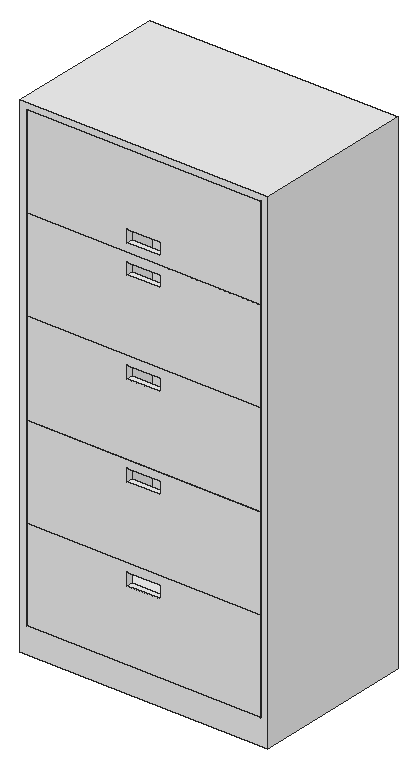
Revit family
Parameters (values of type "760 x 500 x 1520mm")
  Keynote = "N"
  Assembly Code = "E2020200"
  Depth = 500 mm
  Material = Metal - Steel
  Height = 1520 mm
  Width = 760 mm
Reference planes
  plane 1 "Center F/B": y = -934.318
  plane 2: z = 0
  plane 3 "Center L/R": x = -180.023
  plane 4: x = -560.023
  plane 5: x = 199.977
  plane 6: y = -1184.318
  plane 7: y = -684.318
  plane 8: x = 180.927
  plane 9: x = -540.973
  plane 10: y = -703.368
  plane 11: z = 76.2
  plane 12: z = 361.15
  plane 13: z = 646.1
  plane 14: z = 931.05
  plane 15: z = 1216
  plane 16: z = 1520
  plane 17: z = 1500.95
Forms (mm)
  Extrusion 1, solid, material "Metal - Steel" <- "Material"
    sketch origin (0, 0, 0) x (1, 0, 0) y (0, 1, 0)
      loop
        line (-560.023, -684.318) -> (-560.023, -1184.318) -> (199.977, -1184.318) -> (199.977, -684.318) -> (-560.023, -684.318)
    from 0 to 1520
  Extrusion 2, void
    sketch origin (-466.689, -1184.318, 1839.106) x (0, 0, -1) y (1, 0, 0)
      loop
        line (338.156, -74.284) -> (1762.906, -74.284) -> (1762.906, 647.616) -> (338.156, 647.616) -> (338.156, -74.284)
    from 0 to -480.95
  Extrusion 3, solid, material "Metal - Steel"
    sketch origin (-560.023, -1184.318, 1520) x (0, 0, -1) y (1, 0, 0)
      loop
        line (873.9, 19.05) -> (873.9, 740.95) -> (588.95, 740.95) -> (588.95, 19.05) -> (873.9, 19.05)
    from 0 to -19.05
  Extrusion 4, solid, material "Metal - Steel"
    sketch origin (-560.023, -1184.318, 1520) x (0, 0, -1) y (1, 0, 0)
      loop
        line (588.95, 19.05) -> (588.95, 740.95) -> (304, 740.95) -> (304, 19.05) -> (588.95, 19.05)
    from 0 to -19.05
  Extrusion 5, solid, material "Metal - Steel"
    sketch origin (-560.023, -1184.318, 1520) x (0, 0, -1) y (1, 0, 0)
      loop
        line (304, 19.05) -> (304, 740.95) -> (19.05, 740.95) -> (19.05, 19.05) -> (304, 19.05)
    from 0 to -19.05
  Extrusion 6, solid, material "Metal - Steel"
    sketch origin (-560.023, -1184.318, 1520) x (0, 0, -1) y (1, 0, 0)
      loop
        line (873.9, 19.05) -> (1158.85, 19.05) -> (1158.85, 740.95) -> (873.9, 740.95) -> (873.9, 19.05)
    from 0 to -19.05
  Extrusion 7, solid, material "Metal - Steel"
    sketch origin (-560.023, -1184.318, 1520) x (0, 0, -1) y (1, 0, 0)
      loop
        line (1158.85, 19.05) -> (1443.8, 19.05) -> (1443.8, 740.95) -> (1158.85, 740.95) -> (1158.85, 19.05)
    from 0 to -19.05
  Extrusion 8, void
    sketch origin (-560.023, -1184.318, 1520) x (0, 0, -1) y (1, 0, 0)
      loop
        line (1184.25, 329.2) -> (1222.35, 329.2) -> (1222.35, 430.8) -> (1184.25, 430.8) -> (1184.25, 329.2)
    from 0 to -19.05
  Extrusion 9, void
    sketch origin (-560.023, -1184.318, 1520) x (0, 0, -1) y (1, 0, 0)
      loop
        line (899.3, 329.2) -> (937.4, 329.2) -> (937.4, 430.8) -> (899.3, 430.8) -> (899.3, 329.2)
      loop
        line (614.35, 329.2) -> (652.45, 329.2) -> (652.45, 430.8) -> (614.35, 430.8) -> (614.35, 329.2)
      loop
        line (329.4, 329.2) -> (367.5, 329.2) -> (367.5, 430.8) -> (329.4, 430.8) -> (329.4, 329.2)
      loop
        line (278.6, 329.2) -> (278.6, 430.8) -> (240.5, 430.8) -> (240.5, 329.2) -> (278.6, 329.2)
    from 0 to -19.05
Cuts and joins
  Extrusion 2, Extrusion 8, Extrusion 9 cuts Extrusion 1
  Extrusion 8, Extrusion 9 cuts Extrusion 3
  Extrusion 8, Extrusion 9 cuts Extrusion 4
  Extrusion 8, Extrusion 9 cuts Extrusion 5
  Extrusion 8, Extrusion 9 cuts Extrusion 6
  Extrusion 8, Extrusion 9 cuts Extrusion 7
Lines and regions (mm)
  Masking region 1
    outline origin (0, 0, 0) x (1, 0, 0) y (0, 1, 0)
      loop
        line (-560.023, -684.318) -> (-560.023, -1184.318) -> (199.977, -1184.318) -> (199.977, -684.318) -> (-560.023, -684.318)
  symbolic lines
    curve 1: line (-560.023, -684.318, 0) -> (199.977, -684.318, 0)
    curve 2: line (-560.023, -1184.318, 0) -> (-560.023, -684.318, 0)
    curve 3: line (199.977, -1184.318, 0) -> (-560.023, -1184.318, 0)
    curve 4: line (199.977, -684.318, 0) -> (199.977, -1184.318, 0)
Dimensions and locks
  equal spacing: plane 4, plane 3 "Center L/R", plane 5
  equal spacing: plane 6, plane 1 "Center F/B", plane 7
  "Depth": plane 6 to plane 7
  "Width": plane 4 to plane 5
  locked: plane 10 to plane 7 at 19.05
  "Height": plane 16 to plane 2
  locked: plane 11 to plane 2 at 76.2
  locked: plane 16 to plane 17 at 19.05
  equal spacing: plane 17, plane 15, plane 14, plane 13, plane 12, plane 11
  plane 4 to plane 9 = 19.05 mm
  plane 8 to plane 5 = 19.05 mm
  equal spacing: plane 9, plane 3 "Center L/R", plane 8
  aligned and locked: Extrusion 2 to plane 10
  aligned and locked: plane 16 to Extrusion 1
  aligned and locked: Extrusion 1 to plane 2
  aligned and locked: plane 17 to Extrusion 2
  aligned and locked: Extrusion 2 sketch curve to plane 11
  aligned: Masking region 1 sketch curve to cut or joined group of Extrusion 1, Extrusion 2, Extrusion 8, Extrusion 9  (x3)
  aligned: cut or joined group of Extrusion 1, Extrusion 2, Extrusion 8, Extrusion 9 to Masking region 1 sketch curve
Automatic sketch dimensions
  Extrusion 2 sketch curve to plane 8 = 0 mm
  Extrusion 2 sketch curve to plane 17 = 0 mm
  Extrusion 2 sketch curve to plane 9 = 0 mm
  Extrusion 3 sketch curve to plane 9 = 0 mm
  Extrusion 3 sketch curve to plane 8 = 0 mm
  Extrusion 4 sketch curve to plane 9 = 0 mm
  Extrusion 4 sketch curve to plane 8 = 0 mm
  Extrusion 5 sketch curve to plane 9 = 0 mm
  Extrusion 5 sketch curve to plane 8 = 0 mm
  Extrusion 6 sketch curve to plane 9 = 0 mm
  Extrusion 6 sketch curve to plane 8 = 0 mm
  Extrusion 9 sketch curve to plane 3 "Center L/R" = 50.8 mm  (x4)
  plane 3 "Center L/R" to Extrusion 9 sketch curve = 50.8 mm  (x3)
  Extrusion 9 sketch curve to Extrusion 9 sketch curve = 0 mm
  curve 3 to plane 4 = 0 mm
  curve 3 to plane 5 = 0 mm
  curve 3 to plane 6 = 0 mm
  curve 2 to plane 7 = 0 mm
  Masking region 1 sketch curve to plane 4 = 0 mm
  Masking region 1 sketch curve to plane 5 = 0 mm
  Masking region 1 sketch curve to plane 6 = 0 mm
  Masking region 1 sketch curve to plane 7 = 0 mm
